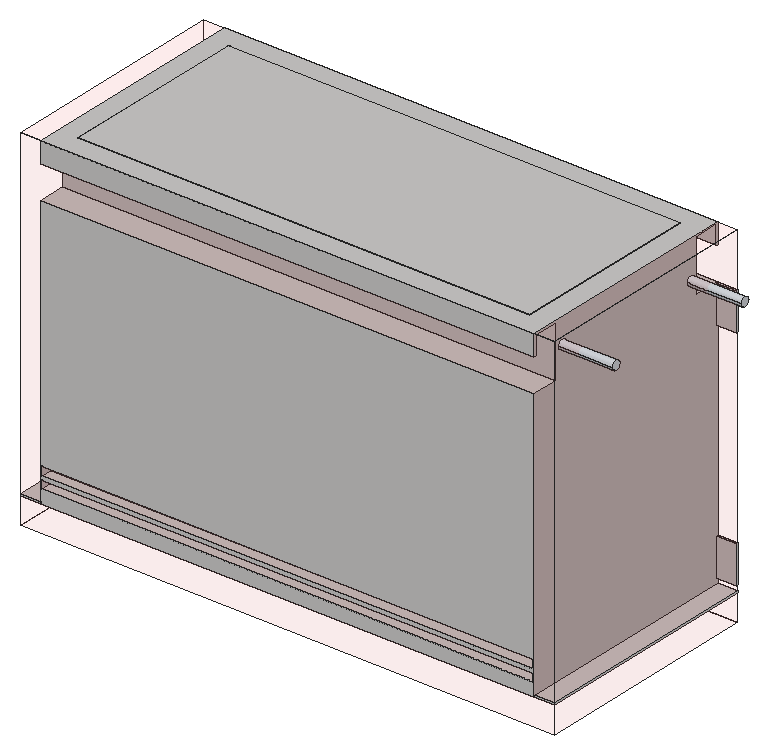
Revit family "Air-Curtain_Industrial_PoweredAire_Steam", category Mechanical Equipment, host Face, Revit 2017
Family settings
  Host = Face
  Round Connector Dimension = Use Diameter
  Part Type = Normal
  OmniClass Number = 23.75.35.17.21
  OmniClass Title = Air Curtains
  Cut with Voids When Loaded = No
  Shared = No
  Room Calculation Point = No
Parameters
  upperrotation [instance] = if(Upper Pipe Connection Side A, 0.00°, 180.00°)  # 0.00°
  topbracket [instance] = and(Unit Height = 1' 4 3/4", Unit Depth = 1' 11 3/4")  # yes
  lowerrotation [instance] = if(Lower Pipe Connection Side A, 0.00°, 180.00°)  # 0.00°
  locateupperpipe [instance] = if(Upper Pipe Connection Side A, 0' 0", Nozzle Width)  # 0' - 0"
  locatelowerpipe [instance] = if(Lower Pipe Connection Side A, 0' 0", Nozzle Width)  # 0' - 0"
  Warranty Duration (Years) = 0
  Upper Pipe Connection Side A [instance] = yes
  Unit Width Notes = "Other Widths available."  # constant formula
  Unit Width = 3' - 3"
  Unit Weight = 0
  Unit Height = 1' - 4 3/4"
  Unit Depth = 1' - 11 3/4"
  URL = "http://www.poweredaire.com/"
  Test Data = ""
  Standards Conformance = "as Specified"
  Specification = "http://www.arcat.com/sdspecs/htm04/23_34_33pai.htm"
  SpecWizard = ""
  Sound Pressure = "as Specified"
  Sales Information = "http://www.poweredaire.com/contact_us"
  Revision = "R1_2016-08"
  Projection from Host [instance] = 0' - 2"
  Product Properties = ""
  Product Data = "http://www.arcat.com/arcatcos/cos47/arc47623.html"
  Power Rating = 0 W
  Piping_Water Flow [instance] = 0 GPM
  Piping_Operating Pressure [instance] = 0.00 psi
  Piping_Exit Temperature [instance] = 0 °F
  Piping_Entry Temperature [instance] = 0 °F
  Pipe OD [instance] = 5/8"
  Nozzle Width = if(1 = 1, Unit Width - 0' 3", 0' 0")  # 3' - 0"
  Mounting Width = if(1 = 1, Unit Width - 0' 1 1/2", 0' 0")  # 3' - 1 1/2"
  Mounting Height [instance] = 3' - 6"
  Motor RPM = 0
  Motor HP = 0
  Motor Count = 0
  Model = "As Specified"
  Max Height = 0' - 0"
  Manufacturer Website = "http://www.poweredaire.com/"
  Manufacturer Phone - Toll Free = "888-321-2473"
  Manufacturer Phone = "724-588-3305"
  Manufacturer Fax = "724-588-3371"
  Manufacturer Address = "109 Mortensen Rd.  Greenville, PA 16125"
  Manufacturer = "Powered Aire, Inc"
  Maintenance Schedule (Months) = 0
  Lower Pipe Connection Side A [instance] = yes
  Keynote = "23 34 33"
  Installation-Fabrication = ""
  Installation Phase = ""
  Include Clearance [instance] = yes
  Heating Element Load = 0 W
  HVAC_Temperature Rise = 0 °F
  HVAC_Outlet Volume = 0 CFM
  HVAC_Outlet Velocity Uniformity = 0
  HVAC_Outlet Velocity = 0 FPM
  HVAC_BTU Input = 0.0 Btu/h
  Green Building-LEED = "http://www.arcat.com/green/clients/leed_data_47623.html"
  Front Grating Material [instance] = Metal - Steel - PoweredAire - Stainless 304 Perforated
  Frame Finish [instance] = Metal - Steel - PoweredAire - Stainless 304
  Expected Lifespan (Years) = 0
  Electrical_Wattage [instance] = Power Rating + Heating Element Load  # 0 W
  Electrical_Voltage [instance] = 0 V
  Electrical_Phase [instance] = 1
  Electrical_Frequency [instance] = 0 Hz
  Electrical_Amperage [instance] = 0 A
  Drawn By = "Sumex Design, Inc. / Robert S. Weygant, CSI, CDT, SCIP"
  Description = "Powered Aire Air Curtain as Specified"
  Default Elevation = 0' - 0"  # constant formula
  Copyright = "©Arcat Inc."
  Construction Details = "http://www.arcat.com/details/powair/prod3336.html"
  Clearance_Top [instance] = 0' - 0"
  Clearance_Side B [instance] = 0' - 0"
  Clearance_Side A [instance] = 0' - 0"
  Clearance_Intake [instance] = 0' - 0"
  Clearance_Bottom [instance] = 0' - 0"
  Clearance Material [instance] = ARCAT Clearance
  Building Codes = ""
  Available Options [instance] = "as Specified"
  Assembly Code = "D3090400"
Reference planes (in)
  plane 1 "Center (Elevation)": y = 0.13818
  plane 2: z = 0
  plane 3 "Center (Left/Right)": x = 0
  plane 4: y = 8.51318
  plane 5: y = -8.23682
  plane 6: x = -19.5
  plane 7: x = 19.5
  plane 8: z = 25.75
  plane 9 "FF": y = -41.86182
  plane 10: z = 2
  plane 11: x = 18
  plane 12: x = -18
  plane 13: y = 8.51318
  plane 14: y = -8.23682
  plane 15: x = -19.5
  plane 16: x = 19.5
  plane 17: z = 25.75
  plane 18: x = 17.9375
  plane 19: x = -17.9375
  plane 20: x = 18
  plane 21: x = 18
  plane 22: y = 6.01318
  plane 23: y = -5.73682
Forms (in)
  Extrusion 1, solid, material "Metal - Steel - PoweredAire - Stainless 304" <- "Frame Finish"
    sketch origin (0, 0, 0) x (0, 1, 0) y (0, 0, 1)
      loop
        line (-8.23682, 2) -> (8.51318, 2) -> (8.51318, 21.8125) -> (6.51318, 21.8125) -> (6.51318, 25.625) -> (8.38818, 25.625) -> (8.38818, 24.25) -> (8.51318, 24.25) -> (8.51318, 25.75) -> (-8.23682, 25.75) -> (-8.23682, 24.25) -> (-8.11182, 24.25) -> (-8.11182, 25.625) -> (-6.23682, 25.625) -> (-6.23682, 21.8125) -> (-8.23682, 21.8125) -> (-8.23682, 2)
    from -18 to 18
  Extrusion 2, solid, material "ARCAT Clearance" <- "Clearance Material", visible <- "Include Clearance"
    sketch origin (0, 0, 0) x (0, 1, 0) y (0, 0, 1)
      loop
        line (-8.23682, 25.75) -> (-8.23682, 0) -> (8.51318, 0) -> (8.51318, 25.75) -> (-8.23682, 25.75)
    from -19.5 to 19.5
  Extrusion 3, solid, material "Metal - Steel - PoweredAire - Stainless 304" <- "Frame Finish"
    sketch origin (-15.17702, -180, 2) x (-1, 0, 0) y (0, -1, 0)
      loop
        line (-33.17702, -188.51318) -> (-33.17702, -171.76318) -> (-34.67702, -171.76318) -> (-34.67702, -188.51318) -> (-33.17702, -188.51318)
      loop
        line (2.82298, -188.51318) -> (4.32298, -188.51318) -> (4.32298, -171.76318) -> (2.82298, -171.76318) -> (2.82298, -188.51318)
    from 0 to 0.125
  Extrusion 4, solid, material "Metal - Steel - PoweredAire - Stainless 304" <- "Frame Finish", visible <- "topbracket"
    sketch origin (-11.83813, 8.51318, 48) x (-1, 0, 0) y (0, 0, 1)
      loop
        line (-29.83813, -45.5) -> (-29.83813, -42.75) -> (-31.33813, -42.75) -> (-31.33813, -45.5) -> (-29.83813, -45.5)
      loop
        line (-29.83813, -28.9375) -> (-29.83813, -26.1875) -> (-31.33813, -26.1875) -> (-31.33813, -28.9375) -> (-29.83813, -28.9375)
      loop
        line (6.16187, -45.5) -> (7.66187, -45.5) -> (7.66187, -42.75) -> (6.16187, -42.75) -> (6.16187, -45.5)
      loop
        line (6.16187, -28.9375) -> (7.66187, -28.9375) -> (7.66187, -26.1875) -> (6.16187, -26.1875) -> (6.16187, -28.9375)
    from 0 to -0.125
  Extrusion 5, void
    sketch origin (0, 0, 0) x (0, 1, 0) y (0, 0, 1)
      loop
        line (-8.23682, 3) -> (-7.23682, 3) -> (-7.23682, 4.5) -> (-8.23682, 4.5) -> (-8.23682, 3.82425) -> (-7.38364, 3.82425) -> (-7.38364, 3.57425) -> (-8.23682, 3.57425) -> (-8.23682, 3)
    from -17.9375 to 17.9375
  Extrusion 6, solid, material "Metal - Steel - PoweredAire - Stainless 304 Perforated" <- "Front Grating Material"
    sketch origin (0, -8.23682, 25.75) x (0, 1, 0) y (-1, 0, 0)
      loop
        line (15.25, 16.5) -> (1.5, 16.5) -> (1.5, -16.5) -> (15.25, -16.5) -> (15.25, 16.5)
    from 0 to 0.03125
  Sweep 7, solid
    path origin (18, 6.01318, 0) x (1, 0, 0) y (0, 1, 0)
      loop
        line (0, 0) -> (4, 0)
    profile origin (20, 6.01318, 0) x (0, 1, 0) y (0, 0, 1)
      loop
        circle (0, 23) r 0.3125
  Sweep 8, solid
    path origin (18, -5.73682, 0) x (1, 0, 0) y (0, 1, 0)
      loop
        line (0, 0) -> (4, 0)
    profile origin (20, -5.73682, 0) x (0, 1, 0) y (0, 0, 1)
      loop
        circle (0, 24) r 0.3125
Cuts and joins
  Extrusion 5 cuts Extrusion 1
Lines and regions (in)
  reference lines
    curve 1: line (18, 6.01318, 0) -> (22.75, 6.01318, 0)
    curve 2: line (18, -5.73682, 0) -> (23.75, -5.73682, 0)
Dimensions and locks (in)
  equal spacing: plane 4, plane 1 "Center (Elevation)", plane 5
  "Unit Height": plane 4 to plane 5
  equal spacing: plane 6, plane 3 "Center (Left/Right)", plane 7
  "Unit Width": plane 6 to plane 7
  "Mounting Height": plane 1 "Center (Elevation)" to plane 9 "FF"
  "Projection from Host": plane 10 to level
  "Unit Depth": plane 8 to plane 10
  locked: plane 6 to plane 12 at 1.5
  locked: plane 11 to plane 7 at 1.5
  "Clearance_Side A": plane 7 to plane 16
  "Clearance_Side B": plane 15 to plane 6
  "Clearance_Top": plane 13 to plane 4
  "Clearance_Bottom": plane 5 to plane 14
  "Clearance_Intake": plane 17 to plane 8
  plane 5 to Extrusion 1 sketch curve to Extrusion 1 sketch curve = 0' - 0 1/8" locked, 0' - 1 7/8" locked
  Extrusion 1 sketch curve to Extrusion 1 sketch curve to plane 4 = 0' - 1 7/8" locked, 0' - 0 1/8" locked
  Extrusion 4 sketch curve to Extrusion 4 sketch curve to Extrusion 4 sketch curve to Extrusion 4 sketch curve to plane 10 = 0' - 2 3/4" locked, 1' - 1 13/16" locked, 0' - 2 3/4" locked, 0' - 0 1/2" locked
  Extrusion 4 sketch curve to Extrusion 4 sketch curve to Extrusion 4 sketch curve to Extrusion 4 sketch curve = 0' - 2 3/4" locked, 1' - 1 13/16" locked, 0' - 2 3/4" locked
  locked: Extrusion 4 sketch curve to plane 10 at 0.5
  plane 8 to Extrusion 1 sketch curve to Extrusion 1 sketch curve = 0' - 0 1/8" locked, 0' - 1 3/8" locked  (x2)
  locked: Extrusion 1 sketch curve to plane 10 at 19.8125  (x2)
  Extrusion 5 sketch curve to Extrusion 5 sketch curve to Extrusion 5 sketch curve to Extrusion 5 sketch curve to plane 10 = 0' - 0.67575" locked, 0' - 0 1/4" locked, 0' - 0.57425" locked, 0' - 1" locked
  plane 5 to Extrusion 5 sketch curve to Extrusion 5 sketch curve = 0' - 0.85319" locked, 0' - 0.14681" locked
  locked: plane 19 to plane 12 at 0.0625
  locked: plane 11 to plane 18 at 0.0625
  locked: plane 4 to Extrusion 6 sketch curve at 1.5
  locked: Extrusion 6 sketch curve to plane 5 at 1.5
  locked: Extrusion 6 sketch curve to plane 11 at 1.5
  locked: plane 12 to Extrusion 6 sketch curve at 1.5
  "locateupperpipe": plane 20 to plane 11
  "locatelowerpipe": plane 21 to plane 11
  locked: plane 4 to plane 22 at 2.5
  locked: plane 23 to plane 5 at 2.5
  locked: curve 1 to Sweep 7 sketch curve at 4
  locked: curve 1 to Sweep 7 sketch curve
  locked: Sweep 7 sketch curve to plane 10 at 21
  locked: curve 2 to Sweep 8 sketch curve at 4
  locked: curve 2 to Sweep 8 sketch curve
  locked: Sweep 8 sketch curve to plane 10 at 22
  "upperrotation": angle plane 22 to curve 1
  "lowerrotation": angle plane 23 to curve 2
  aligned and locked: plane 2 to host face
  aligned and locked: level to host face
  aligned and locked: Extrusion 2 sketch curve to plane 17
  aligned and locked: plane 14 to Extrusion 2 sketch curve
  aligned and locked: level to Extrusion 2 sketch curve
  aligned and locked: Extrusion 2 sketch curve to plane 13
  aligned and locked: plane 16 to Extrusion 2
  aligned and locked: Extrusion 2 to plane 15
  aligned and locked: plane 11 to Extrusion 1
  aligned and locked: Extrusion 1 to plane 12
  aligned and locked: plane 21 to curve 2
  aligned and locked: plane 23 to curve 2
  aligned and locked: plane 22 to curve 1
  aligned and locked: plane 20 to curve 1
Automatic sketch dimensions
  host sketch curve to host sketch curve = 8' - 0"  (x2)
  Extrusion 1 sketch curve to plane 5 = 0' - 0"  (x2)
  Extrusion 1 sketch curve to plane 4 = 0' - 0"  (x2)
  Extrusion 1 sketch curve to plane 10 = 0' - 0"
  Extrusion 1 sketch curve to plane 8 = 0' - 0"
  plane 4 to Extrusion 3 sketch curve = 0' - 0"
  Extrusion 3 sketch curve to plane 7 = 0' - 0"
  plane 5 to Extrusion 3 sketch curve = 0' - 0"
  Extrusion 3 sketch curve to plane 11 = 0' - 0"
  Extrusion 3 sketch curve to plane 4 = 0' - 0"
  Extrusion 3 sketch curve to plane 12 = 0' - 0"
  Extrusion 3 sketch curve to plane 6 = 0' - 0"
  Extrusion 3 sketch curve to plane 5 = 0' - 0"
  Extrusion 4 sketch curve to plane 7 = 0' - 0"  (x2)
  Extrusion 4 sketch curve to plane 11 = 0' - 0"  (x2)
  Extrusion 4 sketch curve to plane 12 = 0' - 0"  (x2)
  Extrusion 4 sketch curve to plane 6 = 0' - 0"  (x2)
  Extrusion 5 sketch curve to plane 5 = 0' - 0"  (x2)
  Sweep 7 sketch curve to profile plane = 0' - 0"
  Sweep 8 sketch curve to profile plane = 0' - 0"
  radius of Sweep 7 sketch curve = 0' - 0 5/16"
  radius of Sweep 8 sketch curve = 0' - 0 5/16"
Connectors (in)
  piping at (22, 6.01318, 23), diameter 0.625, driven by "Pipe OD", driven by "Piping_Water Flow"
    settings: on Sweep 7, index 1, connector inside diameter 24", connector length 0' - 0", flow factor 0, pipe flow 0 GPM, pressure drop 0.00 psi, fitting loss kfactor 0, connector angle 0.00°, fixture units 0, engagement length 0' - 0", angle of deflection 0.00°, flow configuration 0, flow direction 0, fitting loss method 0, system type 29, joint type 0, gender type 0, connector reference index -1, connector utility 0, adjustable connector no, is connector primary yes, connector description "Define Supply or Return and Location"
  piping at (22, -5.73682, 24), diameter 0.625, driven by "Pipe OD", driven by "Piping_Water Flow"
    settings: on Sweep 8, index 2, connector inside diameter 24", connector length 0' - 0", flow factor 0, pipe flow 0 GPM, pressure drop 0.00 psi, fitting loss kfactor 0, connector angle 0.00°, fixture units 0, engagement length 0' - 0", angle of deflection 0.00°, flow configuration 0, flow direction 0, fitting loss method 0, system type 29, joint type 0, gender type 0, connector reference index -1, connector utility 0, adjustable connector no, is connector primary no, connector description "Define Supply or Return and Location"
  electrical at (-18, 0.13818, 21.39062), driven by "Electrical_Voltage", driven by "Electrical_Phase"
    settings: on cut or joined group of Extrusion 1, Extrusion 5, index 3, voltage 0 V, apparent load 0 VA, apparent load phase1 0 VA, apparent load phase2 0 VA, apparent load phase3 0 VA, power factor 1, load classification "Motor", number of poles 1, system type 31, power factor state 1, is connector primary yes, connector utility no, sub classification motor no, connector description ""
